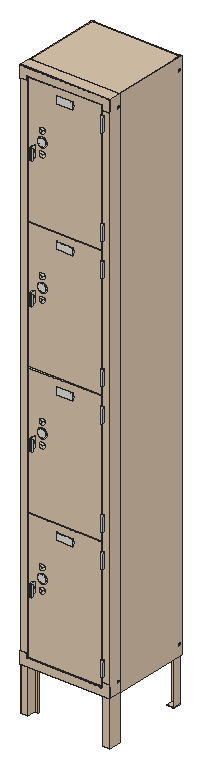
Revit family "Metal_Vented_Lockers-Salsbury_Industries-74000_Series-1_Wide_Units", category Specialty Equipment, Revit 2016
Family settings
  Part Type = Normal
  Round Connector Dimension = Use Diameter
  OmniClass Number = 23.40.00.00
  OmniClass Title = Equipment and Furnishings
  Work Plane-Based = No
  Always vertical = Yes
  Cut with Voids When Loaded = No
  Shared = No
  Room Calculation Point = No
Parameters (values of type "74162 - with Standard 6" High Legs")
  Zee Base Corner - Right Side [instance] = Metal Locker Zee Base Corner : None
  Zee Base Corner - Left Side [instance] = Metal Locker Zee Base Corner : None
  Zee Base - Right Side [instance] = Metal Locker Zee Base-Right Side : None
  Zee Base - Left Side [instance] = Metal Locker Zee Base-Left Side : None
  Zee Base = Metal Locker Zee Base : None
  Width = 12.040"
  Version = "2.0 (01/30/18)"
  Vent Offset = if(Depth = 12.010", 3.250", if(Depth = 15.010", 3.500", if(Depth = 18.010", 3.750", 0.000")))  # 3.250"
  Vent Configuration Height = Vents : 6 foot high vents
  Vent Array Spacing = 1.187"
  Vent Array 2 = if(Depth = 12.010", 5, if(Depth = 15.010", 7, if(Depth = 18.010", 9, 0)))  # 5
  Vent Array 1 = Vent Array 2 + 1  # 6
  Unit Height including Sloping Hood Only [instance] = 78.625"
  Unit Height = 72.000"
  URL = "www.lockers.com"
  Type Comments = "12\" Wide Vented Metal Locker - Four Tier"
  Total Door(s) Height [instance] = 69.81949"
  Sloping Top In-Line Filler - Right Side [instance] = Metal Locker Sloping Top Filler : None
  Sloping Top In-Line Filler - Left Side [instance] = Metal Locker Sloping Top Filler : None
  Sloping Top Corner Filler - Right Side [instance] = Metal Locker Sloping Corner Filler : None
  Sloping Top Corner Filler - Left Side [instance] = Metal Locker Sloping Corner Filler : None
  Sloping Hood Height = if(Depth = 12.010", 6.625", if(Depth = 15.010", 8.682", if(Depth = 18.010", 10.739", 0.000")))  # 6.625"
  Sloping Hood [instance] = Metal Locker Sloping Hood : None
  Right Side Base [instance] = Metal Locker Right Side Base : None
  Primary Structure Material [instance] = Steel - Salsbury Finish = Tan
  Overall Width including Rivets [instance] = 12.120"
  Unit Height including Base Only [instance] = 78.000"
  Overall Unit Height (including Base and Sloping Hood) [instance] = 84.625"
  OmniClass 23 Title = "Equipment and Furnishings"
  OmniClass 23 Number = "23.40.00.00"
  Model = "74162"
  MasterFormat Title = "Lockers"
  MasterFormat Number = "10 51 13"
  Manufacturer = "Salsbury Industries"
  Left Side Base [instance] = Metal Locker Left Side Base : None
  Individual Door Height = 17.360"
  Hasp Plate Rivet Material = Steel -Salsbury Finish =  Polished Steel
  Hasp Handle Material = Plastic - Salsbury Finish - Black
  Front Vertical Filler - Right [instance] = Metal Locker Front Filler : None
  Front Vertical Filler - Left [instance] = Metal Locker Front Filler : None
  Front Base [instance] = Metal Locker Front Base : None
  Flat Top In-Line Filler - Right Side [instance] = Metal Locker Flat Top Filler : None
  Flat Top In-Line Filler - Left Side [instance] = Metal Locker Flat Top Filler : None
  Flat Top Corner Filler - Right Side [instance] = Metal Locker Flat Corner Filler : None
  Flat Top Corner Filler - Left Side [instance] = Metal Locker Flat Corner Filler : None
  Individual Door Width [instance] = 9.90055"
  End Panel - Right Side [instance] = Metal Locker End Panel : None
  End Panel - Left Side [instance] = Metal Locker End Panel : None
  Door Location D1 = Vented Metal Locker Doors-12 inch with Latch Hasps : Four Tier Door - 6 foot
  Description = "1 Wide - 6 Feet High - 12 Inches Deep"
  Depth = 12.010"
  Compartment Divider Height = Individual Door Height - 0.375"  # 16.985"
  Base Height = 6.000"
  Standard Leg Base = Metal Locker Legs : 6" High - 12" W x 12" D
  Assembly Code = "C1030310"
Reference planes (in)
  plane 1 "Center (Front/Back)": y = 0
  plane 2: z = 0
  plane 3 "Center (Left/Right)": x = 0
  plane 4 "Floor": z = 0
  plane 5 "Bottom of Unit": z = 6
  plane 6 "Top of Unit": z = 78
  plane 7 "Left Side of Unit": x = -6.02
  plane 8 "Right Side of Unit": x = 6.02
  plane 9 "Back of Unit": y = 6.005
  plane 10 "Front of Unit": y = -6.005
  plane 11 "Top of Sloping Hood": z = 84.625
  plane 12 "Left Rivet": x = -6.06
  plane 13 "Right Rivet": x = 6.06
  plane 14 "Right Side of Door Opening": x = 5.02
  plane 15 "Left Side of Door Opening": x = -5.02
  plane 16 "Top of Door Opening": z = 77
  plane 17 "Bottom of Door Opening": z = 7
  plane 18 "Back Edge of Front Facing": y = -4.417
  plane 19 "Front Plate Plane": y = -6.065
  plane 20 "Horizontal Center of Top Rivets": z = 76.5
  plane 21 "Horiz Center of Bottom Rivets": z = 7.5
  plane 22 "Vertical Center of Back Rivets": y = 5.505
  plane 23 "Vertical Center of Front Rivets": y = -4.755
  plane 24 "Right Align Top Filler Overlap": x = 5.435
  plane 25 "Left Align Top Filler Overlap": x = -5.435
  plane 26 "Corner Filler Align-Left": x = -6.08
  plane 27 "Corner Filler Align-Right": x = 6.08
  plane 28 "Left Side of Door": x = -4.95029
  plane 29 "Right Side of Door": x = 4.95026
  plane 30 "Top of Door 1": z = 76.90976
  plane 31 "Bottom of Bottom Door": z = 7.09027
  plane 32 "Zee Base Offset": x = -5.669
  plane 33: x = 5.669
  plane 34 "Compartment Align 3": z = 24.985
  plane 35: x = -5.96
  plane 36: x = 5.96
  plane 37: x = -5.635
  plane 38: x = 5.635
  plane 39: y = 5.945
  plane 40: y = 5.895
  plane 41: y = 5.145
  plane 42: x = -5.9
  plane 43: x = 5.9
  plane 44: x = -5.095
  plane 45: x = 5.095
  plane 46: z = 77.94
  plane 47: z = 24.925
  plane 48: z = 23.985
  plane 49: z = 6.9204
  plane 50: z = 6.18539
  plane 51: z = 76.40796
  plane 52: z = 7.59204
  plane 53: z = 23.985
  plane 54: z = 24.45027
  plane 55: z = 24.57576
  plane 56: z = 41.93576
  plane 57: z = 42.06276
  plane 58: z = 41.43527
  plane 59: z = 42.37527
  plane 60 "Compartment Align 2": z = 42.43527
  plane 61: z = 53.72076
  plane 62: z = 59.42276
  plane 63: z = 59.54976
  plane 64: z = 58.92076
  plane 65: z = 59.86076
  plane 66 "Compartment Align 1": z = 59.92076
  plane 67: z = 71.20625
  plane 68 "Front Vent Align": y = -2.755
  plane 69: y = -2.385
  plane 70: y = -1.791
  plane 71 "Top Vent Align": z = 73.562
  plane 72: z = 72.81
  plane 73: z = 71.97
Forms (in)
  Sweep 1, solid, material "Steel - Salsbury Finish = Tan" <- "Primary Structure Material"
    path origin (0, -6.005, 0) x (1, 0, 0) y (0, 0, 1)
      loop
        line (-6.02, 78) -> (-6.02, 6) -> (6.02, 6) -> (6.02, 78) -> (-6.02, 78)
    profile origin (0, -6.005, 78) x (0, 0, 1) y (0, -1, 0)
      loop
        line (0, 0) -> (-1, 0) -> (-1, -1.588) -> (0, -1.588) -> (0, 0)
  Extrusion 2, solid, material "Steel - Salsbury Finish = Tan" <- "Primary Structure Material"
    sketch origin (0, 0, 6) x (0, -1, 0) y (1, 0, 0)
      loop
        line (4.417, 6.02) -> (-6.005, 6.02) -> (-6.005, 5.635) -> (-5.945, 5.635) -> (-5.945, 5.96) -> (4.417, 5.96) -> (4.417, 6.02)
    from 0 to 72
  Extrusion 3, solid, material "Steel - Salsbury Finish = Tan" <- "Primary Structure Material"
    sketch origin (0, 0, 6) x (0, -1, 0) y (1, 0, 0)
      loop
        line (4.417, -6.02) -> (4.417, -5.96) -> (-5.945, -5.96) -> (-5.945, -5.635) -> (-6.005, -5.635) -> (-6.005, -6.02) -> (4.417, -6.02)
    from 0 to 72
  Extrusion 4, solid, material "Steel - Salsbury Finish = Tan" <- "Primary Structure Material"
    sketch origin (0, 0, 6) x (0, -1, 0) y (1, 0, 0)
      loop
        line (-5.945, -5.96) -> (-5.145, -5.96) -> (-5.145, -5.9) -> (-5.895, -5.9) -> (-5.895, 5.9) -> (-5.145, 5.9) -> (-5.145, 5.96) -> (-5.945, 5.96) -> (-5.945, -5.96)
    from 0 to 72
  Sweep 5, solid, material "Steel - Salsbury Finish = Tan" <- "Primary Structure Material"
    path origin (0, 0, 7) x (0, -1, 0) y (1, 0, 0)
      loop
        line (4.417, -5.96) -> (4.417, 5.96) -> (-5.145, 5.96) -> (-5.145, 5.9) -> (-5.895, 5.9) -> (-5.895, -5.9) -> (-5.145, -5.9) -> (-5.145, -5.96) -> (4.417, -5.96)
    profile origin (-5.96, 0.364, 7) x (-1, 0, 0) y (0, 0, 1)
      loop
        line (0, -0.81461) -> (0, -0.0796) -> (-0.06, -0.0796) -> (-0.06, -0.81461) -> (0, -0.81461)
  Extrusion 6, solid, material "Steel - Salsbury Finish = Tan" <- "Primary Structure Material"
    sketch origin (0, 0, 7) x (0, -1, 0) y (1, 0, 0)
      loop
        line (-5.895, -5.9) -> (-5.145, -5.9) -> (-5.145, -5.96) -> (4.417, -5.96) -> (4.417, 5.96) -> (-5.145, 5.96) -> (-5.145, 5.9) -> (-5.895, 5.9) -> (-5.895, -5.9)
    from -0.0796 to 0
  Extrusion 7, solid, material "Steel - Salsbury Finish = Tan" <- "Primary Structure Material"
    sketch origin (0, 0, 78) x (0, -1, 0) y (1, 0, 0)
      loop
        line (-5.895, -5.9) -> (-5.145, -5.9) -> (-5.145, -5.96) -> (4.417, -5.96) -> (4.417, 5.96) -> (-5.145, 5.96) -> (-5.145, 5.9) -> (-5.895, 5.9) -> (-5.895, -5.9)
    from -0.06 to 0
  Extrusion 8, solid, material "Steel - Salsbury Finish = Tan" <- "Primary Structure Material"
    sketch origin (0, -6.065, 0) x (0, 0, -1) y (1, 0, 0)
      loop
        line (-78, -6.02) -> (-76.47656, -6.02)
        arc (-76.47656, -6.02) -> (-76.42806, -5.99991) -> (-76.40796, -5.9514) r 0.0686
        line (-76.40796, -5.9514) -> (-76.40796, -5.16351)
        arc (-76.40796, -5.16351) -> (-76.42809, -5.11506) -> (-76.47656, -5.095) r 0.0686
        line (-76.47656, -5.095) -> (-77, -5.095) -> (-77, 5.095) -> (-76.47656, 5.095)
        arc (-76.47656, 5.095) -> (-76.42809, 5.11506) -> (-76.40796, 5.16351) r 0.0686
        line (-76.40796, 5.16351) -> (-76.40796, 5.9514)
        arc (-76.40796, 5.9514) -> (-76.42806, 5.99991) -> (-76.47656, 6.02) r 0.0686
        line (-76.47656, 6.02) -> (-78, 6.02) -> (-78, -6.02)
    from -0.06 to 0
  Extrusion 9, solid, material "Steel - Salsbury Finish = Tan" <- "Primary Structure Material"
    sketch origin (0, -6.065, 84) x (0, 0, 1) y (-1, 0, 0)
      loop
        line (-78, 6.02) -> (-78, -6.02) -> (-76.47656, -6.02)
        arc (-76.47656, -6.02) -> (-76.42806, -5.99991) -> (-76.40796, -5.9514) r 0.0686
        line (-76.40796, -5.9514) -> (-76.40796, -5.16351)
        arc (-76.40796, -5.16351) -> (-76.42809, -5.11506) -> (-76.47656, -5.095) r 0.0686
        line (-76.47656, -5.095) -> (-77, -5.095) -> (-77, 5.095) -> (-76.47656, 5.095)
        arc (-76.47656, 5.095) -> (-76.42809, 5.11506) -> (-76.40796, 5.16351) r 0.0686
        line (-76.40796, 5.16351) -> (-76.40796, 5.9514)
        arc (-76.40796, 5.9514) -> (-76.42806, 5.99991) -> (-76.47656, 6.02) r 0.0686
        line (-76.47656, 6.02) -> (-78, 6.02)
    from -0.06 to 0
  Blend 10, solid, material "Steel -Salsbury Finish =  Polished Steel" <- "Hasp Plate Rivet Material"
    base sketch origin (6.02, 0, 0) x (0, 0, -1) y (0, -1, 0)
      loop
        circle (-76.5, 4.755) r 0.187
    top sketch origin (6.02, 0, 0) x (0, 0, -1) y (0, -1, 0)
      loop
        circle (-76.5, 4.755) r 0.05319
    from 0 to -0.04
  Blend 11, solid, material "Steel -Salsbury Finish =  Polished Steel" <- "Hasp Plate Rivet Material"
    base sketch origin (6.02, 0, -69) x (0, 0, -1) y (0, -1, 0)
      loop
        circle (-76.5, 4.755) r 0.187
    top sketch origin (6.02, 0, -69) x (0, 0, -1) y (0, -1, 0)
      loop
        circle (-76.5, 4.755) r 0.05319
    from 0 to -0.04
  Blend 12, solid, material "Steel -Salsbury Finish =  Polished Steel" <- "Hasp Plate Rivet Material"
    base sketch origin (6.02, 10.26, -69) x (0, 0, -1) y (0, -1, 0)
      loop
        circle (-76.5, 4.755) r 0.187
    top sketch origin (6.02, 10.26, -69) x (0, 0, -1) y (0, -1, 0)
      loop
        circle (-76.5, 4.755) r 0.05319
    from 0 to -0.04
  Blend 13, solid, material "Steel -Salsbury Finish =  Polished Steel" <- "Hasp Plate Rivet Material"
    base sketch origin (6.02, 10.26, 0.0043) x (0, 0, -1) y (0, -1, 0)
      loop
        circle (-76.5, 4.755) r 0.187
    top sketch origin (6.02, 10.26, 0.0043) x (0, 0, -1) y (0, -1, 0)
      loop
        circle (-76.5, 4.755) r 0.05319
    from 0 to -0.04
  Blend 14, solid, material "Steel -Salsbury Finish =  Polished Steel" <- "Hasp Plate Rivet Material"
    base sketch origin (-6.02, 0, -69) x (0, 0, -1) y (0, 1, 0)
      loop
        circle (-76.5, -4.755) r 0.187
    top sketch origin (-6.02, 0, -69) x (0, 0, -1) y (0, 1, 0)
      loop
        circle (-76.5, -4.755) r 0.05319
    from 0 to -0.04
  Blend 15, solid, material "Steel -Salsbury Finish =  Polished Steel" <- "Hasp Plate Rivet Material"
    base sketch origin (-6.02, 10.26, -69) x (0, 0, -1) y (0, 1, 0)
      loop
        circle (-76.5, -4.755) r 0.187
    top sketch origin (-6.02, 10.26, -69) x (0, 0, -1) y (0, 1, 0)
      loop
        circle (-76.5, -4.755) r 0.05319
    from 0 to -0.04
  Blend 16, solid, material "Steel -Salsbury Finish =  Polished Steel" <- "Hasp Plate Rivet Material"
    base sketch origin (-6.02, 0, 0) x (0, 0, -1) y (0, 1, 0)
      loop
        circle (-76.5, -4.755) r 0.187
    top sketch origin (-6.02, 0, 0) x (0, 0, -1) y (0, 1, 0)
      loop
        circle (-76.5, -4.755) r 0.05319
    from 0 to -0.04
  Blend 17, solid, material "Steel -Salsbury Finish =  Polished Steel" <- "Hasp Plate Rivet Material"
    base sketch origin (-6.02, 10.26, 0.00039) x (0, 0, -1) y (0, 1, 0)
      loop
        circle (-76.5, -4.755) r 0.187
    top sketch origin (-6.02, 10.26, 0.00039) x (0, 0, -1) y (0, 1, 0)
      loop
        circle (-76.5, -4.755) r 0.05319
    from 0 to -0.04
  Extrusion 18, solid, material "Steel - Salsbury Finish = Tan" <- "Primary Structure Material"
    sketch origin (0, 0, 24.985) x (0, -1, 0) y (1, 0, 0)
      loop
        line (-5.895, -5.9) -> (-5.145, -5.9) -> (-5.145, -5.96) -> (4.417, -5.96) -> (4.417, 5.96) -> (-5.145, 5.96) -> (-5.145, 5.9) -> (-5.895, 5.9) -> (-5.895, -5.9)
    from -0.06 to 0
  Sweep 19, solid, material "Steel - Salsbury Finish = Tan" <- "Primary Structure Material"
    path origin (0, 0, 24.985) x (0, -1, 0) y (1, 0, 0)
      loop
        line (4.417, -5.96) -> (4.417, 5.96) -> (-5.145, 5.96) -> (-5.145, 5.9) -> (-5.895, 5.9) -> (-5.895, -5.9) -> (-5.145, -5.9) -> (-5.145, -5.96) -> (4.417, -5.96)
    profile origin (-5.96, 0.364, 24.985) x (-1, 0, 0) y (0, 0, 1)
      loop
        line (0, -1) -> (0, -0.06) -> (-0.06, -0.06) -> (-0.06, -1) -> (0, -1)
  Extrusion 20, solid, material "Steel - Salsbury Finish = Tan" <- "Primary Structure Material"
    sketch origin (0, 0, 54.72076) x (0, -1, 0) y (1, 0, 0)
      loop
        line (-5.895, -5.9) -> (-5.145, -5.9) -> (-5.145, -5.96) -> (4.417, -5.96) -> (4.417, 5.96) -> (-5.145, 5.96) -> (-5.145, 5.9) -> (-5.895, 5.9) -> (-5.895, -5.9)
    from -12.34549 to -12.28549
  Sweep 21, solid, material "Steel - Salsbury Finish = Tan" <- "Primary Structure Material"
    path origin (0, 0, 42.43527) x (0, -1, 0) y (1, 0, 0)
      loop
        line (4.417, -5.96) -> (4.417, 5.96) -> (-5.145, 5.96) -> (-5.145, 5.9) -> (-5.895, 5.9) -> (-5.895, -5.9) -> (-5.145, -5.9) -> (-5.145, -5.96) -> (4.417, -5.96)
    profile origin (-5.96, 0.364, 42.43527) x (-1, 0, 0) y (0, 0, 1)
      loop
        line (0, -1) -> (0, -0.06) -> (-0.06, -0.06) -> (-0.06, -1) -> (0, -1)
  Extrusion 22, solid, material "Steel - Salsbury Finish = Tan" <- "Primary Structure Material"
    sketch origin (0, 0, 59.92076) x (0, -1, 0) y (1, 0, 0)
      loop
        line (-5.895, -5.9) -> (-5.145, -5.9) -> (-5.145, -5.96) -> (4.417, -5.96) -> (4.417, 5.96) -> (-5.145, 5.96) -> (-5.145, 5.9) -> (-5.895, 5.9) -> (-5.895, -5.9)
    from -0.06 to 0
  Sweep 23, solid, material "Steel - Salsbury Finish = Tan" <- "Primary Structure Material"
    path origin (0, 0, 59.92076) x (0, -1, 0) y (1, 0, 0)
      loop
        line (4.417, -5.96) -> (4.417, 5.96) -> (-5.145, 5.96) -> (-5.145, 5.9) -> (-5.895, 5.9) -> (-5.895, -5.9) -> (-5.145, -5.9) -> (-5.145, -5.96) -> (4.417, -5.96)
    profile origin (-5.96, 0.364, 59.92076) x (-1, 0, 0) y (0, 0, 1)
      loop
        line (0, -1) -> (0, -0.06) -> (-0.06, -0.06) -> (-0.06, -1) -> (0, -1)
Lines and regions (in)
  reference lines
    curve 1: line (-29.59242, -6.065, 78) -> (36.15758, -6.065, 78)
  symbolic lines
    curve 2: line (-6.02, 6.005, 78) -> (6.02, 6.005, 78)
    curve 3: line (-6.02, -6.065, 78) -> (-6.02, 6.005, 78)
    curve 4: line (6.02, -6.065, 78) -> (-6.02, -6.065, 78)
    curve 5: line (6.02, 6.005, 78) -> (6.02, -6.065, 78)
    curve 6: line (-6.06, -4.80819, 78) -> (-6.02, -4.91809, 78)
    curve 7: line (-6.02, -4.58043, 78) -> (-6.06, -4.70181, 78)
    curve 8: line (-6.06, -4.80819, 78) -> (-6.06, -4.70181, 78)
    curve 9: line (-6.06, 5.45181, 78) -> (-6.02, 5.31077, 78)
    curve 10: line (-6.06, 5.55819, 78) -> (-6.02, 5.68474, 78)
    curve 11: line (-6.06, 5.55819, 78) -> (-6.06, 5.45181, 78)
    curve 12: line (6.06, 5.55819, 78) -> (6.02, 5.70747, 78)
    curve 13: line (6.06, 5.45181, 78) -> (6.02, 5.3179, 78)
    curve 14: line (6.06, 5.55819, 78) -> (6.06, 5.45181, 78)
    curve 15: line (6.06, -4.70181, 78) -> (6.02, -4.57098, 78)
    curve 16: line (6.06, -4.80819, 78) -> (6.02, -4.94769, 78)
    curve 17: line (6.06, -4.70181, 78) -> (6.06, -4.80819, 78)
Dimensions and locks (in)
  equal spacing: plane 7 "Left Side of Unit", plane 3 "Center (Left/Right)", plane 8 "Right Side of Unit"
  "Width": plane 7 "Left Side of Unit" to plane 8 "Right Side of Unit"
  "Base Height": plane 5 "Bottom of Unit" to plane 4 "Floor"
  "Unit Height": plane 6 "Top of Unit" to plane 5 "Bottom of Unit"
  "Unit Height including Base Only": plane 6 "Top of Unit" to plane 4 "Floor"
  equal spacing: plane 10 "Front of Unit", plane 1 "Center (Front/Back)", plane 9 "Back of Unit"
  "Depth": plane 10 "Front of Unit" to plane 9 "Back of Unit"
  "Sloping Hood Height": plane 11 "Top of Sloping Hood" to plane 6 "Top of Unit"
  "Overall Unit Height (including Base and Sloping Hood)": plane 11 "Top of Sloping Hood" to plane 4 "Floor"
  locked: plane 12 "Left Rivet" to plane 7 "Left Side of Unit" at 0.04
  locked: plane 8 "Right Side of Unit" to plane 13 "Right Rivet" at 0.04
  "Overall Width including Rivets": plane 12 "Left Rivet" to plane 13 "Right Rivet"
  plane 6 "Top of Unit" to plane 16 "Top of Door Opening" to plane 30 "Top of Door 1" to plane 51 = 1.000" locked, 0.09024", 0.5018"
  plane 52 to plane 31 "Bottom of Bottom Door" to plane 17 "Bottom of Door Opening" to plane 5 "Bottom of Unit" = 0.50177", 0.09027", 1.000" locked
  plane 7 "Left Side of Unit" to plane 15 "Left Side of Door Opening" to plane 28 "Left Side of Door" = 1.000" locked, 0.06971"
  plane 29 "Right Side of Door" to plane 14 "Right Side of Door Opening" to plane 8 "Right Side of Unit" = 0.06974", 1.000" locked
  plane 19 "Front Plate Plane" to plane 10 "Front of Unit" to plane 18 "Back Edge of Front Facing" = 0.060" locked, 1.588" locked
  "Unit Height including Sloping Hood Only": plane 11 "Top of Sloping Hood" to plane 5 "Bottom of Unit"
  locked: plane 20 "Horizontal Center of Top Rivets" to plane 6 "Top of Unit" at 1.5
  locked: plane 5 "Bottom of Unit" to plane 21 "Horiz Center of Bottom Rivets" at 1.5
  locked: plane 22 "Vertical Center of Back Rivets" to plane 9 "Back of Unit" at 0.5
  locked: plane 10 "Front of Unit" to plane 23 "Vertical Center of Front Rivets" at 1.25
  locked: plane 24 "Right Align Top Filler Overlap" to plane 13 "Right Rivet" at 0.625
  locked: plane 12 "Left Rivet" to plane 25 "Left Align Top Filler Overlap" at 0.625
  locked: plane 8 "Right Side of Unit" to plane 27 "Corner Filler Align-Right" at 0.06
  locked: plane 26 "Corner Filler Align-Left" to plane 7 "Left Side of Unit" at 0.06
  "Individual Door Width": plane 28 "Left Side of Door" to plane 29 "Right Side of Door"
  "Total Door(s) Height": plane 30 "Top of Door 1" to plane 31 "Bottom of Bottom Door"
  plane 7 "Left Side of Unit" to plane 32 "Zee Base Offset" = 0.351"
  plane 33 to plane 8 "Right Side of Unit" = 0.351"
  plane 34 "Compartment Align 3" to plane 47 to plane 53 = 0.060" locked, 0.940" locked
  plane 7 "Left Side of Unit" to plane 35 to plane 42 to plane 37 = 0.060" locked, 0.060" locked, 0.265" locked
  plane 38 to plane 43 to plane 36 to plane 8 "Right Side of Unit" = 0.265" locked, 0.060", 0.060"
  plane 41 to plane 40 to plane 39 to plane 9 "Back of Unit" = 0.750" locked, 0.050", 0.060"
  locked: plane 7 "Left Side of Unit" to plane 44 at 0.925
  locked: plane 45 to plane 8 "Right Side of Unit" at 0.925
  locked: plane 6 "Top of Unit" to plane 46 at 0.06
  plane 47 to plane 48 = 0.940"
  locked: plane 17 "Bottom of Door Opening" to plane 49 at 0.0796
  plane 49 to plane 50 = 0.73501"
  "Compartment Divider Height": plane 53 to plane 17 "Bottom of Door Opening"
  "Individual Door Height": plane 54 to plane 31 "Bottom of Bottom Door"
  locked: plane 55 to plane 54 at 0.12549
  locked: plane 57 to plane 56 at 0.127
  "Individual Door Height": plane 56 to plane 55
  plane 60 "Compartment Align 2" to plane 59 to plane 58 = 0.060" locked, 0.940" locked
  locked: plane 63 to plane 62 at 0.127
  "Individual Door Height": plane 62 to plane 57
  "Compartment Divider Height": plane 58 to plane 54
  "Compartment Divider Height": plane 64 to plane 56
  plane 66 "Compartment Align 1" to plane 65 to plane 64 = 0.060", 0.940"
  plane 71 "Top Vent Align" to plane 6 "Top of Unit" = 4.438"
  plane 73 to plane 72 to plane 71 "Top Vent Align" = 0.840", 0.752"
  "Vent Offset": plane 10 "Front of Unit" to plane 68 "Front Vent Align"
  plane 68 "Front Vent Align" to plane 69 to plane 70 = 0.370" locked, 0.594" locked
  equal spacing: group 1, group 2, group 3, group 4, group 5, group 6  (x3)
  equal spacing: group 7, group 8, group 9, group 10, group 11  (x3)
  "Vent Array Spacing": nested 27 to nested 29
  "Vent Array Spacing": nested 28 to nested 34
  equal spacing: group 12, group 13, group 14, group 15, group 16, group 22  (x3)
  equal spacing: group 17, group 18, group 19, group 20, group 21  (x3)
  "Vent Array Spacing": nested 40 to nested 38
  "Vent Array Spacing": nested 44 to nested 39
  aligned and locked: level to plane 2
  aligned and locked: Extrusion 2 to plane 6 "Top of Unit"
  aligned and locked: Extrusion 3 to plane 6 "Top of Unit"
  aligned and locked: Extrusion 4 to plane 6 "Top of Unit"
  aligned and locked: Extrusion 8 to plane 10 "Front of Unit"
  aligned and locked: Extrusion 9 to plane 10 "Front of Unit"
  aligned and locked: Extrusion 6 to plane 17 "Bottom of Door Opening"
  aligned and locked: plane 4 "Floor" to nested 2
  aligned and locked: plane 5 "Bottom of Unit" to Extrusion 9
  aligned and locked: plane 8 "Right Side of Unit" to nested 6
  aligned and locked: plane 7 "Left Side of Unit" to nested 7
  aligned and locked: Blend 10 to plane 13 "Right Rivet"
  aligned and locked: plane 8 "Right Side of Unit" to Blend 10
  aligned and locked: Blend 15 to plane 7 "Left Side of Unit"
  aligned and locked: Blend 14 to plane 7 "Left Side of Unit"  (x2)
  aligned and locked: plane 12 "Left Rivet" to Blend 14
  aligned and locked: plane 12 "Left Rivet" to Blend 15
  aligned and locked: Blend 14 to plane 12 "Left Rivet"
  aligned and locked: Blend 17 to plane 7 "Left Side of Unit"
  aligned and locked: plane 12 "Left Rivet" to Blend 17
  aligned and locked: Blend 16 to plane 7 "Left Side of Unit"
  aligned and locked: plane 12 "Left Rivet" to Blend 16
  aligned and locked: plane 5 "Bottom of Unit" to nested 10
  aligned and locked: plane 13 "Right Rivet" to nested 10
  aligned and locked: plane 12 "Left Rivet" to nested 11
  aligned and locked: nested 11 to plane 10 "Front of Unit"
  aligned and locked: plane 13 "Right Rivet" to nested 12
  aligned and locked: plane 10 "Front of Unit" to nested 12
  aligned and locked: plane 6 "Top of Unit" to nested 12
  aligned and locked: plane 12 "Left Rivet" to nested 13
  aligned and locked: plane 10 "Front of Unit" to nested 13
  aligned and locked: plane 6 "Top of Unit" to nested 13
  aligned and locked: plane 6 "Top of Unit" to nested 14
  aligned and locked: nested 14 to plane 19 "Front Plate Plane"
  aligned and locked: nested 14 to plane 24 "Right Align Top Filler Overlap"
  aligned and locked: nested 15 to plane 25 "Left Align Top Filler Overlap"
  aligned and locked: nested 15 to plane 19 "Front Plate Plane"
  aligned and locked: nested 10 to nested 15
  aligned and locked: plane 19 "Front Plate Plane" to nested 16
  aligned and locked: plane 6 "Top of Unit" to nested 16
  aligned and locked: nested 17 to plane 6 "Top of Unit"
  aligned and locked: nested 17 to plane 19 "Front Plate Plane"
  aligned and locked: plane 19 "Front Plate Plane" to nested 18
  aligned and locked: nested 19 to plane 24 "Right Align Top Filler Overlap"
  aligned and locked: nested 19 to plane 19 "Front Plate Plane"
  aligned and locked: plane 16 "Top of Door Opening" to nested 19
  aligned and locked: nested 20 to plane 16 "Top of Door Opening"
  aligned and locked: nested 20 to plane 25 "Left Align Top Filler Overlap"
  aligned and locked: nested 20 to plane 19 "Front Plate Plane"
  aligned and locked: nested 11 to plane 6 "Top of Unit"
  aligned and locked: plane 10 "Front of Unit" to nested 10
  aligned and locked: plane 10 "Front of Unit" to nested 23
  aligned and locked: plane 10 "Front of Unit" to nested 1
  aligned and locked: plane 10 "Front of Unit" to nested 2
  aligned and locked: plane 6 "Top of Unit" to nested 18
  aligned and locked: plane 7 "Left Side of Unit" to nested 17
  aligned and locked: plane 32 "Zee Base Offset" to nested 9
  aligned and locked: plane 18 "Back Edge of Front Facing" to nested 9
  aligned and locked: nested 8 to plane 18 "Back Edge of Front Facing"
  aligned and locked: plane 33 to nested 8
  aligned and locked: plane 8 "Right Side of Unit" to nested 21
  aligned and locked: nested 22 to plane 7 "Left Side of Unit"
  aligned and locked: nested 22 to curve 1
  aligned and locked: nested 21 to curve 1
  aligned and locked: Sweep 19 sketch curve to Extrusion 18
  aligned and locked: plane 7 "Left Side of Unit" to Extrusion 3
  aligned and locked: Extrusion 3 to plane 9 "Back of Unit"
  aligned and locked: Extrusion 2 to plane 8 "Right Side of Unit"
  aligned and locked: Extrusion 2 to plane 9 "Back of Unit"
  aligned and locked: plane 18 "Back Edge of Front Facing" to Extrusion 3
  aligned and locked: plane 18 "Back Edge of Front Facing" to Extrusion 2
  aligned and locked: plane 35 to Extrusion 3
  aligned and locked: plane 36 to Extrusion 2
  aligned and locked: plane 37 to Extrusion 3
  aligned and locked: plane 38 to Extrusion 2
  aligned and locked: plane 39 to Extrusion 3
  aligned and locked: plane 39 to Extrusion 2
  aligned and locked: Extrusion 4 to plane 39
  aligned and locked: plane 40 to Extrusion 4
  aligned and locked: plane 35 to Extrusion 4
  aligned and locked: plane 41 to Extrusion 4  (x2)
  aligned and locked: plane 42 to Extrusion 4
  aligned and locked: plane 43 to Extrusion 4
  aligned and locked: Extrusion 7 to plane 40
  aligned and locked: plane 42 to Extrusion 7
  aligned and locked: plane 35 to Extrusion 7  (x2)
  aligned and locked: Extrusion 7 to plane 41  (x2)
  aligned and locked: Extrusion 7 to plane 43
  aligned and locked: Extrusion 7 to plane 36  (x2)
  aligned and locked: plane 18 "Back Edge of Front Facing" to Extrusion 7
  aligned and locked: plane 18 "Back Edge of Front Facing" to Extrusion 6
  aligned and locked: Extrusion 6 to plane 40
  aligned and locked: Extrusion 6 to plane 43
  aligned and locked: Extrusion 6 to plane 41  (x2)
  aligned and locked: Extrusion 6 to plane 36
  aligned and locked: plane 42 to Extrusion 6
  aligned and locked: plane 35 to Extrusion 6
  aligned and locked: Sweep 5 to plane 40
  aligned and locked: Sweep 5 to plane 41  (x2)
  aligned and locked: Sweep 5 to plane 43
  aligned and locked: Sweep 5 to plane 36
  aligned and locked: plane 18 "Back Edge of Front Facing" to Sweep 5
  aligned and locked: plane 35 to Sweep 5
  aligned and locked: plane 42 to Sweep 5
  aligned and locked: Sweep 5 sketch curve to plane 42
  aligned and locked: plane 40 to Sweep 5 sketch curve
  aligned and locked: plane 41 to Sweep 5 sketch curve  (x2)
  aligned and locked: Sweep 5 sketch curve to plane 35  (x2)
  aligned and locked: plane 43 to Sweep 5 sketch curve
  aligned and locked: plane 36 to Sweep 5 sketch curve
  aligned and locked: Sweep 5 sketch curve to plane 18 "Back Edge of Front Facing"
  aligned and locked: Extrusion 18 to plane 40
  aligned and locked: Extrusion 18 to plane 43
  aligned and locked: Extrusion 18 to plane 41  (x2)
  aligned and locked: Extrusion 18 to plane 36
  aligned and locked: plane 18 "Back Edge of Front Facing" to Extrusion 18
  aligned and locked: plane 35 to Extrusion 18
  aligned and locked: plane 42 to Extrusion 18
  aligned and locked: plane 40 to Sweep 19 sketch curve
  aligned and locked: plane 43 to Sweep 19 sketch curve
  aligned and locked: plane 41 to Sweep 19 sketch curve  (x2)
  aligned and locked: plane 36 to Sweep 19 sketch curve
  aligned and locked: Sweep 19 sketch curve to plane 18 "Back Edge of Front Facing"
  aligned and locked: Sweep 19 sketch curve to plane 35  (x2)
  aligned and locked: Sweep 19 sketch curve to plane 42
  aligned and locked: plane 6 "Top of Unit" to Sweep 1 sketch curve  (x2)
  aligned and locked: Sweep 1 sketch curve to plane 7 "Left Side of Unit"
  aligned and locked: plane 8 "Right Side of Unit" to Sweep 1 sketch curve
  aligned and locked: Sweep 1 sketch curve to plane 5 "Bottom of Unit"
  aligned and locked: plane 10 "Front of Unit" to Sweep 1
  aligned and locked: Extrusion 8 to plane 19 "Front Plate Plane"
  aligned and locked: plane 10 "Front of Unit" to Extrusion 8
  aligned and locked: Extrusion 8 to plane 8 "Right Side of Unit"
  aligned and locked: plane 7 "Left Side of Unit" to Extrusion 8
  aligned and locked: plane 7 "Left Side of Unit" to Extrusion 9
  aligned and locked: plane 19 "Front Plate Plane" to Extrusion 9
  aligned and locked: Extrusion 9 to plane 8 "Right Side of Unit"
  aligned and locked: plane 44 to Extrusion 9
  aligned and locked: plane 45 to Extrusion 9
  aligned and locked: plane 45 to Extrusion 8
  aligned and locked: Extrusion 8 to plane 44
  aligned and locked: plane 29 "Right Side of Door" to nested 23
  aligned and locked: plane 18 "Back Edge of Front Facing" to Sweep 1 sketch curve
  aligned and locked: Sweep 1 sketch curve to plane 16 "Top of Door Opening"
  aligned and locked: Sweep 1 sketch curve to plane 10 "Front of Unit"
  aligned and locked: plane 5 "Bottom of Unit" to Extrusion 4
  aligned and locked: Extrusion 4 to plane 36
  aligned and locked: plane 5 "Bottom of Unit" to Extrusion 3
  aligned and locked: plane 5 "Bottom of Unit" to Extrusion 2
  aligned and locked: Extrusion 7 to plane 6 "Top of Unit"
  aligned and locked: plane 46 to Extrusion 7
  aligned and locked: Extrusion 18 to plane 34 "Compartment Align 3"
  aligned and locked: plane 47 to Extrusion 18
  aligned and locked: plane 42 to Sweep 19 sketch curve
  aligned and locked: plane 48 to Sweep 19 sketch curve
  aligned and locked: plane 49 to Extrusion 6
  aligned and locked: Sweep 5 to plane 49
  aligned and locked: plane 50 to Sweep 5 sketch curve
  aligned and locked: plane 49 to Sweep 5 sketch curve
  aligned and locked: plane 42 to Sweep 5 sketch curve
  aligned and locked: plane 51 to Extrusion 8  (x2)
  aligned and locked: Extrusion 8 to plane 6 "Top of Unit"
  aligned and locked: plane 16 "Top of Door Opening" to Extrusion 8
  aligned and locked: Extrusion 9 to plane 17 "Bottom of Door Opening"
  aligned and locked: plane 52 to Extrusion 9
  aligned and locked: Extrusion 9 to plane 52
  aligned and locked: plane 4 "Floor" to nested 1
  aligned and locked: plane 8 "Right Side of Unit" to nested 1
  aligned and locked: Blend 12 to plane 13 "Right Rivet"
  aligned and locked: plane 8 "Right Side of Unit" to Blend 12
  aligned and locked: plane 8 "Right Side of Unit" to Blend 13
  aligned and locked: Blend 13 to plane 13 "Right Rivet"
  aligned and locked: plane 8 "Right Side of Unit" to Blend 11
  aligned and locked: Blend 11 to plane 13 "Right Rivet"
  aligned and locked: nested 22 to curve 3
  aligned and locked: curve 4 to Extrusion 8
  aligned and locked: curve 5 to Extrusion 8
  aligned and locked: curve 8 to Blend 14
  aligned and locked: curve 11 to Blend 15
  aligned and locked: curve 14 to Blend 12
  aligned and locked: curve 17 to Blend 10
  aligned and locked: plane 53 to Sweep 19
  aligned and locked: nested 23 to plane 31 "Bottom of Bottom Door"
  aligned and locked: plane 55 to nested 24
  aligned and locked: plane 10 "Front of Unit" to nested 24
  aligned and locked: plane 29 "Right Side of Door" to nested 24
  aligned and locked: plane 29 "Right Side of Door" to nested 25
  aligned and locked: nested 25 to plane 57
  aligned and locked: Sweep 21 sketch curve to Extrusion 20
  aligned and locked: Extrusion 20 to plane 60 "Compartment Align 2"
  aligned and locked: plane 59 to Sweep 21
  aligned and locked: Sweep 21 sketch curve to plane 58
  aligned and locked: Extrusion 20 sketch curve to plane 40
  aligned and locked: plane 35 to Extrusion 20 sketch curve
  aligned and locked: plane 42 to Extrusion 20 sketch curve
  aligned and locked: Extrusion 20 sketch curve to plane 41  (x2)
  aligned and locked: plane 18 "Back Edge of Front Facing" to Extrusion 20 sketch curve
  aligned and locked: Extrusion 20 sketch curve to plane 36
  aligned and locked: Extrusion 20 sketch curve to plane 43
  aligned and locked: plane 40 to Sweep 21 sketch curve
  aligned and locked: Sweep 21 sketch curve to plane 42
  aligned and locked: Sweep 21 sketch curve to plane 35
  aligned and locked: plane 41 to Sweep 21 sketch curve  (x2)
  aligned and locked: Sweep 21 sketch curve to plane 18 "Back Edge of Front Facing"
  aligned and locked: plane 36 to Sweep 21 sketch curve
  aligned and locked: plane 43 to Sweep 21 sketch curve
  aligned and locked: plane 63 to nested 26
  aligned and locked: plane 65 to Extrusion 22
  aligned and locked: Extrusion 22 to plane 66 "Compartment Align 1"
  aligned and locked: Sweep 23 sketch curve to plane 64
  aligned and locked: plane 65 to Sweep 23 sketch curve
  aligned and locked: Sweep 23 sketch curve to plane 35
  aligned and locked: plane 41 to Sweep 23 sketch curve  (x2)
  aligned and locked: Sweep 23 sketch curve to plane 42
  aligned and locked: plane 40 to Sweep 23 sketch curve
  aligned and locked: plane 43 to Sweep 23 sketch curve
  aligned and locked: plane 36 to Sweep 23 sketch curve
  aligned and locked: Sweep 23 sketch curve to plane 18 "Back Edge of Front Facing"
  aligned and locked: Extrusion 22 to nested 5  (x3)
  aligned and locked: Extrusion 22 to plane 41  (x2)
  aligned and locked: Extrusion 22 to Sweep 23  (x2)
  aligned and locked: plane 18 "Back Edge of Front Facing" to Extrusion 22
  aligned and locked: plane 29 "Right Side of Door" to nested 26
  aligned and locked: plane 10 "Front of Unit" to nested 26
  aligned and locked: plane 10 "Front of Unit" to nested 25
  aligned and locked: plane 9 "Back of Unit" to curve 2
  aligned and locked: nested 28 to plane 8 "Right Side of Unit"
  aligned and locked: nested 27 to plane 8 "Right Side of Unit"
  aligned and locked: nested 27 to plane 69
  aligned and locked: plane 73 to nested 27
  aligned and locked: plane 72 to nested 28
  aligned and locked: nested 28 to plane 70
  aligned and locked: nested 33 to plane 8 "Right Side of Unit"
  aligned and locked: nested 37 to plane 8 "Right Side of Unit"
  aligned and locked: plane 72 to nested 37
  aligned and locked: plane 73 to nested 33
  aligned and locked: nested 38 to plane 7 "Left Side of Unit"
  aligned and locked: nested 39 to plane 7 "Left Side of Unit"
  aligned and locked: plane 69 to nested 38
  aligned and locked: nested 38 to plane 73
  aligned and locked: plane 70 to nested 39
  aligned and locked: nested 39 to plane 72
  aligned and locked: nested 47 to plane 7 "Left Side of Unit"
  aligned and locked: nested 47 to plane 72
  aligned and locked: nested 48 to plane 73
Automatic sketch dimensions
  Extrusion 2 sketch curve to plane 8 "Right Side of Unit" = 0.000"
  plane 9 "Back of Unit" to Extrusion 2 sketch curve = 0.000"
  Extrusion 2 sketch curve to plane 38 = 0.000"
  plane 39 to Extrusion 2 sketch curve = 0.000"
  plane 18 "Back Edge of Front Facing" to Extrusion 2 sketch curve = 0.000"
  Extrusion 2 sketch curve to plane 36 = 0.000"
  Extrusion 3 sketch curve to plane 7 "Left Side of Unit" = 0.000"
  plane 9 "Back of Unit" to Extrusion 3 sketch curve = 0.000"
  Extrusion 3 sketch curve to plane 37 = 0.000"
  plane 39 to Extrusion 3 sketch curve = 0.000"
  plane 18 "Back Edge of Front Facing" to Extrusion 3 sketch curve = 0.000"
  Extrusion 3 sketch curve to plane 35 = 0.000"
  Extrusion 4 sketch curve to plane 35 = 0.000"
  plane 39 to Extrusion 4 sketch curve = 0.000"
  plane 40 to Extrusion 4 sketch curve = 0.000"
  plane 41 to Extrusion 4 sketch curve = 0.000"  (x2)
  Extrusion 4 sketch curve to plane 42 = 0.000"
  Extrusion 4 sketch curve to plane 43 = 0.000"
  Extrusion 4 sketch curve to plane 36 = 0.000"
  plane 40 to Extrusion 6 sketch curve = 0.000"
  Extrusion 6 sketch curve to plane 35 = 0.000"
  plane 41 to Extrusion 6 sketch curve = 0.000"  (x2)
  plane 18 "Back Edge of Front Facing" to Extrusion 6 sketch curve = 0.000"
  Extrusion 6 sketch curve to plane 42 = 0.000"
  Extrusion 6 sketch curve to plane 43 = 0.000"
  Extrusion 6 sketch curve to plane 36 = 0.000"
  plane 40 to Extrusion 7 sketch curve = 0.000"
  Extrusion 7 sketch curve to plane 35 = 0.000"
  plane 41 to Extrusion 7 sketch curve = 0.000"  (x2)
  plane 18 "Back Edge of Front Facing" to Extrusion 7 sketch curve = 0.000"
  Extrusion 7 sketch curve to plane 42 = 0.000"
  Extrusion 7 sketch curve to plane 43 = 0.000"
  Extrusion 7 sketch curve to plane 36 = 0.000"
  Extrusion 8 sketch curve to plane 6 "Top of Unit" = 0.000"
  Extrusion 8 sketch curve to plane 16 "Top of Door Opening" = 0.000"
  plane 44 to Extrusion 8 sketch curve = 0.000"
  plane 7 "Left Side of Unit" to Extrusion 8 sketch curve = 0.000"
  plane 45 to Extrusion 8 sketch curve = 0.000"
  plane 8 "Right Side of Unit" to Extrusion 8 sketch curve = 0.000"
  Extrusion 8 sketch curve to plane 51 = 0.000"  (x2)
  plane 20 "Horizontal Center of Top Rivets" to Extrusion 8 sketch curve = 0.02344"  (x4)
  Extrusion 8 sketch curve to Extrusion 8 sketch curve = 0.0686"
  Extrusion 8 sketch curve to plane 45 = 0.06851"
  Extrusion 9 sketch curve to plane 5 "Bottom of Unit" = 0.000"
  Extrusion 9 sketch curve to plane 17 "Bottom of Door Opening" = 0.000"
  plane 44 to Extrusion 9 sketch curve = 0.000"
  plane 7 "Left Side of Unit" to Extrusion 9 sketch curve = 0.000"
  plane 45 to Extrusion 9 sketch curve = 0.000"
  plane 8 "Right Side of Unit" to Extrusion 9 sketch curve = 0.000"
  Extrusion 9 sketch curve to plane 52 = 0.000"  (x2)
  plane 21 "Horiz Center of Bottom Rivets" to Extrusion 9 sketch curve = 0.02344"  (x4)
  Extrusion 9 sketch curve to Extrusion 9 sketch curve = 0.0686"
  plane 45 to Extrusion 9 sketch curve = 0.06851"
  plane 20 "Horizontal Center of Top Rivets" to Blend 10 sketch curve = 0.000"  (x2)
  Blend 10 sketch curve to plane 23 "Vertical Center of Front Rivets" = 0.000"  (x2)
  plane 21 "Horiz Center of Bottom Rivets" to Blend 11 sketch curve = 0.000"  (x2)
  Blend 11 sketch curve to plane 23 "Vertical Center of Front Rivets" = 0.000"  (x2)
  plane 21 "Horiz Center of Bottom Rivets" to Blend 12 sketch curve = 0.000"  (x2)
  Blend 12 sketch curve to plane 22 "Vertical Center of Back Rivets" = 0.000"  (x2)
  Blend 13 sketch curve to plane 22 "Vertical Center of Back Rivets" = 0.000"  (x2)
  Blend 13 sketch curve to plane 20 "Horizontal Center of Top Rivets" = 0.0043"  (x2)
  plane 21 "Horiz Center of Bottom Rivets" to Blend 14 sketch curve = 0.000"  (x2)
  Blend 14 sketch curve to plane 23 "Vertical Center of Front Rivets" = 0.000"  (x2)
  plane 21 "Horiz Center of Bottom Rivets" to Blend 15 sketch curve = 0.000"  (x2)
  Blend 15 sketch curve to plane 22 "Vertical Center of Back Rivets" = 0.000"  (x2)
  plane 20 "Horizontal Center of Top Rivets" to Blend 16 sketch curve = 0.000"  (x2)
  Blend 16 sketch curve to plane 23 "Vertical Center of Front Rivets" = 0.000"  (x2)
  Blend 17 sketch curve to plane 22 "Vertical Center of Back Rivets" = 0.000"  (x2)
  Blend 17 sketch curve to plane 20 "Horizontal Center of Top Rivets" = 0.00039"  (x2)
  plane 19 "Front Plate Plane" to curve 1 = 0.000"
  plane 26 "Corner Filler Align-Left" to curve 1 = 23.51242"
  curve 1 to plane 27 "Corner Filler Align-Right" = 30.07758"
  plane 40 to Extrusion 18 sketch curve = 0.000"
  Extrusion 18 sketch curve to plane 35 = 0.000"
  plane 41 to Extrusion 18 sketch curve = 0.000"  (x2)
  plane 18 "Back Edge of Front Facing" to Extrusion 18 sketch curve = 0.000"
  Extrusion 18 sketch curve to plane 42 = 0.000"
  Extrusion 18 sketch curve to plane 43 = 0.000"
  Extrusion 18 sketch curve to plane 36 = 0.000"
  Sweep 21 sketch curve to profile plane = 0.000"
  Sweep 21 sketch curve to Sweep 21 sketch curve = 0.060"
  Sweep 23 sketch curve to profile plane = 0.000"
  Sweep 23 sketch curve to Sweep 23 sketch curve = 0.060"
  plane 40 to Extrusion 22 sketch curve = 0.000"
  Extrusion 22 sketch curve to plane 35 = 0.000"
  plane 41 to Extrusion 22 sketch curve = 0.000"  (x2)
  Extrusion 22 sketch curve to plane 18 "Back Edge of Front Facing" = 0.000"
  Extrusion 22 sketch curve to plane 42 = 0.000"
  plane 43 to Extrusion 22 sketch curve = 0.000"
  plane 36 to Extrusion 22 sketch curve = 0.000"
  curve 11 to plane 22 "Vertical Center of Back Rivets" = 0.05319"
  curve 14 to plane 22 "Vertical Center of Back Rivets" = 0.05319"
  plane 22 "Vertical Center of Back Rivets" to curve 9 = 0.05319"
  plane 22 "Vertical Center of Back Rivets" to curve 13 = 0.05319"
  curve 17 to plane 23 "Vertical Center of Front Rivets" = 0.05319"
  curve 8 to plane 23 "Vertical Center of Front Rivets" = 0.05319"
  plane 23 "Vertical Center of Front Rivets" to curve 8 = 0.05319"
  plane 23 "Vertical Center of Front Rivets" to curve 17 = 0.05319"
  curve 12 to curve 12 = 0.14928"
  curve 10 to curve 10 = 0.12655"
  curve 13 to curve 13 = 0.13391"
  curve 9 to curve 9 = 0.14104"
  curve 15 to curve 15 = 0.13083"
  curve 7 to curve 7 = 0.12138"
  curve 6 to curve 6 = 0.1099"
  curve 16 to curve 16 = 0.1395"
  radius of Blend 10 sketch curve = 0.187"
  radius of Blend 10 sketch curve = 0.05319"
  radius of Blend 11 sketch curve = 0.187"
  radius of Blend 11 sketch curve = 0.05319"
  radius of Blend 12 sketch curve = 0.187"
  radius of Blend 12 sketch curve = 0.05319"
  radius of Blend 13 sketch curve = 0.187"
  radius of Blend 13 sketch curve = 0.05319"
  radius of Blend 14 sketch curve = 0.187"
  radius of Blend 14 sketch curve = 0.05319"
  radius of Blend 15 sketch curve = 0.187"
  radius of Blend 15 sketch curve = 0.05319"
  radius of Blend 16 sketch curve = 0.187"
  radius of Blend 16 sketch curve = 0.05319"
  radius of Blend 17 sketch curve = 0.187"
  radius of Blend 17 sketch curve = 0.05319"
Nested families (in)
  nested 1: "Metal Locker Legs" at (0, 0, 0), type <- "Standard Leg Base", type "6" High - 12" W x 12" D"
  nested 2: "Metal Locker Front Base" at (0, 0, 0), type <- "Front Base", type "None"
  nested 3: "Metal Locker Right Side Base" at (0, 0.794, 0), type <- "Right Side Base", type "None"
  nested 4: "Metal Locker Left Side Base" at (-10.79, 0.794, 0), type <- "Left Side Base", type "None"
  nested 5: "Metal Locker Zee Base" at (0, 0, 0), type <- "Zee Base", type "None"
  nested 6: "Metal Locker Zee Base-Right Side" at (0.03, 0.824, 0), type <- "Zee Base - Right Side", type "None"
  nested 7: "Metal Locker Zee Base-Left Side" at (-8.01, 0.824, 0), type <- "Zee Base - Left Side", type "None"
  nested 8: "Metal Locker Zee Base Corner" at (6.669, -5.417, 0), type <- "Zee Base Corner - Right Side", type "None"
  nested 9: "Metal Locker Zee Base Corner" at (-6.669, -5.417, 0) x (-1, 0, 0) z (0, 0, 1), type <- "Zee Base Corner - Left Side", type "None"
  nested 10: "Metal Locker End Panel" at (10.1925, 2.167, 6), type <- "End Panel - Right Side", type "None"
  nested 11: "Metal Locker End Panel" at (-10.1925, 2.167, 6) x (-1, 0, 0) z (0, 0, 1), type <- "End Panel - Left Side", type "None"
  nested 12: "Metal Locker Front Filler" at (18.155, -3.088, 0), type <- "Front Vertical Filler - Right", type "None"
  nested 13: "Metal Locker Front Filler" at (-8.965, -3.088, 0), type <- "Front Vertical Filler - Left", type "None"
  nested 14: "Metal Locker Flat Top Filler" at (18.155, 2.113, 77.045), type <- "Flat Top In-Line Filler - Right Side", type "None"
  nested 15: "Metal Locker Flat Top Filler" at (-8.965, 2.113, 77.045), type <- "Flat Top In-Line Filler - Left Side", type "None"
  nested 16: "Metal Locker Flat Corner Filler" at (16.3025, 1.7895, 78), type <- "Flat Top Corner Filler - Right Side", type "None"
  nested 17: "Metal Locker Flat Corner Filler" at (-16.3025, 1.7895, 78) x (-1, 0, 0) z (0, 0, 1), type <- "Flat Top Corner Filler - Left Side", type "None"
  nested 18: "Metal Locker Sloping Hood" at (4.595, 2.137, 78), type <- "Sloping Hood", type "None"
  nested 19: "Metal Locker Sloping Top Filler" at (18.155, 2.113, 78.028), type <- "Sloping Top In-Line Filler - Right Side", type "None"
  nested 20: "Metal Locker Sloping Top Filler" at (-8.965, 2.113, 78.028), type <- "Sloping Top In-Line Filler - Left Side", type "None"
  nested 21: "Metal Locker Sloping Corner Filler" at (13.9095, -4.9375, 77.71202) x (0, -1, 0) z (0, 0, 1), type <- "Sloping Top Corner Filler - Right Side", type "None"
  nested 22: "Metal Locker Sloping Corner Filler" at (-7.1475, 1.8245, 77.71223), type <- "Sloping Top Corner Filler - Left Side", type "None"
  nested 23: "Vented Metal Locker Doors-12 inch with Latch Hasps" at (-0.00024, -5.555, 7.09027), type <- "Door Location D1", type "Four Tier Door - 6 foot"
  nested 24: "Vented Metal Locker Doors-12 inch with Latch Hasps" at (-0.00024, -5.555, 24.57576), type <- "Door Location D1", type "Four Tier Door - 6 foot"
  nested 25: "Vented Metal Locker Doors-12 inch with Latch Hasps" at (-0.00024, -5.555, 42.06276), type <- "Door Location D1", type "Four Tier Door - 6 foot"
  nested 26: "Vented Metal Locker Doors-12 inch with Latch Hasps" at (-0.00024, -5.555, 59.54976), type <- "Door Location D1", type "Four Tier Door - 6 foot"
  nested 27: "Vents" at (6.02, -2.385, 4.96051) x (0, 1, 0) z (0, 0, 1), type <- "Vent Configuration Height", type "6 foot high vents"
  nested 28: "Vents" at (6.02, -1.791, 5.80051) x (0, 1, 0) z (0, 0, 1), type <- "Vent Configuration Height", type "6 foot high vents"
  nested 29: "Vents" at (6.02, -1.198, 4.96051) x (0, 1, 0) z (0, 0, 1), type <- "Vent Configuration Height", type "6 foot high vents"
  nested 30: "Vents" at (6.02, -0.011, 4.96051) x (0, 1, 0) z (0, 0, 1), type <- "Vent Configuration Height", type "6 foot high vents"
  nested 31: "Vents" at (6.02, 1.176, 4.96051) x (0, 1, 0) z (0, 0, 1), type <- "Vent Configuration Height", type "6 foot high vents"
  nested 32: "Vents" at (6.02, 2.363, 4.96051) x (0, 1, 0) z (0, 0, 1), type <- "Vent Configuration Height", type "6 foot high vents"
  nested 33: "Vents" at (6.02, 3.55, 4.96051) x (0, 1, 0) z (0, 0, 1), type <- "Vent Configuration Height", type "6 foot high vents"
  nested 34: "Vents" at (6.02, -0.604, 5.80051) x (0, 1, 0) z (0, 0, 1), type <- "Vent Configuration Height", type "6 foot high vents"
  nested 35: "Vents" at (6.02, 0.583, 5.80051) x (0, 1, 0) z (0, 0, 1), type <- "Vent Configuration Height", type "6 foot high vents"
  nested 36: "Vents" at (6.02, 1.77, 5.80051) x (0, 1, 0) z (0, 0, 1), type <- "Vent Configuration Height", type "6 foot high vents"
  nested 37: "Vents" at (6.02, 2.957, 5.80051) x (0, 1, 0) z (0, 0, 1), type <- "Vent Configuration Height", type "6 foot high vents"
  nested 38: "Vents" at (-6.02, -2.385, 4.96051) x (0, 1, 0) z (0, 0, 1), type <- "Vent Configuration Height", type "6 foot high vents"
  nested 39: "Vents" at (-6.02, -1.791, 5.80051) x (0, 1, 0) z (0, 0, 1), type <- "Vent Configuration Height", type "6 foot high vents"
  nested 40: "Vents" at (-6.02, -1.198, 4.96051) x (0, 1, 0) z (0, 0, 1), type <- "Vent Configuration Height", type "6 foot high vents"
  nested 41: "Vents" at (-6.02, -0.011, 4.96051) x (0, 1, 0) z (0, 0, 1), type <- "Vent Configuration Height", type "6 foot high vents"
  nested 42: "Vents" at (-6.02, 1.176, 4.96051) x (0, 1, 0) z (0, 0, 1), type <- "Vent Configuration Height", type "6 foot high vents"
  nested 43: "Vents" at (-6.02, 2.363, 4.96051) x (0, 1, 0) z (0, 0, 1), type <- "Vent Configuration Height", type "6 foot high vents"
  nested 44: "Vents" at (-6.02, -0.604, 5.80051) x (0, 1, 0) z (0, 0, 1), type <- "Vent Configuration Height", type "6 foot high vents"
  nested 45: "Vents" at (-6.02, 0.583, 5.80051) x (0, 1, 0) z (0, 0, 1), type <- "Vent Configuration Height", type "6 foot high vents"
  nested 46: "Vents" at (-6.02, 1.77, 5.80051) x (0, 1, 0) z (0, 0, 1), type <- "Vent Configuration Height", type "6 foot high vents"
  nested 47: "Vents" at (-6.02, 2.957, 5.80051) x (0, 1, 0) z (0, 0, 1), type <- "Vent Configuration Height", type "6 foot high vents"
  nested 48: "Vents" at (-6.02, 3.55, 4.96051) x (0, 1, 0) z (0, 0, 1), type <- "Vent Configuration Height", type "6 foot high vents"
Definition of nested family "Metal Locker Legs"
  Parameters (values of type "6" High - 12"W x 18"D - Bridge")
    Width = 12.007"
    Visible = yes
    Version = "1.0 (11/30/15)"
    Type Comments = "Standard Metal Locker Legs - Bridge"
    Primary Structure Material = none
    Model = "n/a"
    MasterFormat Title = ""
    MasterFormat Number = ""
    Manufacturer = "Salsbury Industries"
    Description = "12\"W x 6\" H x 18\"D"
    Depth = 18.010"
    Height = 6.000"
    Assembly Code = ""
  Types (7): name | Width | Visible | Type Comments | Description | Depth
    6" High - 12" W x 12" D | 12.040" | yes | "Standard Metal Locker Legs" | "12\"W x 6\" H x 12\"D" | 12.010"
    6" High - 12" W x 15" D | 12.040" | yes | "Standard Metal Locker Legs" | "12\"W x 6\" H x 15\"D" | 15.010"
    6" High - 12"W x 18"D | 12.040" | yes | "Standard Metal Locker Legs" | "12\"W x 6\" H x 18\"D" | 18.010"
    6" High - 15"W x 15"D | 15.040" | yes | "Standard Metal Locker Legs" | "15\"W x 6\" H x 15\"D" | 15.010"
    6" High - 15"W x 18"D | 15.040" | yes | "Standard Metal Locker Legs" | "15\"W x 6\" H x 18\"D" | 18.010"
    No Legs | 12.040" | no | "No Legs" | "" | 12.010"
    6" High - 12"W x 18"D - Bridge | 12.007" | yes | "Standard Metal Locker Legs - Bridge" | "12\"W x 6\" H x 18\"D" | 18.010"
  Reference planes (in)
    plane 1 "Center (Front/Back)": y = 0
    plane 2: z = 0
    plane 3 "Center (Left/Right)": x = 0
    plane 4 "Floor": z = 0
    plane 5 "Bottom of Unit": z = 6
    plane 6 "Left Side of Unit": x = -6.0035
    plane 7 "Right Side of Unit": x = 6.0035
    plane 8 "Back of Unit": y = 9.005
    plane 9 "Front of Unit": y = -9.005
    plane 10 "Right Side of Door Opening": x = 5.0035
    plane 11 "Left Side of Door Opening": x = -5.0035
    plane 12 "Top of back legs": z = 6.185
    plane 13 "Back Edge of Front Facing": y = -7.417
    plane 14 "Inside Edge of Front Leg": x = -4.5635
    plane 15 "Inside Edge of Right Leg": x = 4.5635
    plane 16: y = -7.82
    plane 17 "Back Edge of Rear Legs": y = 8.895
    plane 18 "Right Edge of Rear Right Leg": x = 5.8835
    plane 19 "Left Edge or Rear Left Leg": x = -5.8835
    plane 20: y = 7.895
    plane 21 "Inside Edge or Rear Right Leg": x = 4.8835
    plane 22 "Inside Edge or Left Rear Leg": x = -4.8835
  Forms (in)
    Extrusion 1, solid, material <- "Primary Structure Material", visible <- "Visible"
      sketch origin (0, 0, 0) x (0, -1, 0) y (1, 0, 0)
        loop
          line (7.417, 6.0035) -> (7.417, 5.9435) -> (8.945, 5.9435) -> (8.945, 5.0635) -> (7.76, 5.0635) -> (7.76, 4.5635) -> (7.82, 4.5635) -> (7.82, 5.0035) -> (9.005, 5.0035) -> (9.005, 6.0035) -> (7.417, 6.0035)
      from 0 to 6
    Extrusion 2, solid, material <- "Primary Structure Material", visible <- "Visible"
      sketch origin (0, 0, 0) x (0, -1, 0) y (1, 0, 0)
        loop
          line (7.417, -6.0035) -> (9.005, -6.0035) -> (9.005, -5.0035) -> (7.82, -5.0035) -> (7.82, -4.5635) -> (7.76, -4.5635) -> (7.76, -5.0635) -> (8.945, -5.0635) -> (8.945, -5.9435) -> (7.417, -5.9435) -> (7.417, -6.0035)
      from 0 to 6
    Extrusion 3, solid, material <- "Primary Structure Material", visible <- "Visible"
      sketch origin (0, 0, 0) x (0, -1, 0) y (1, 0, 0)
        loop
          line (-8.895, 5.8835) -> (-8.895, 4.8835) -> (-8.835, 4.8835) -> (-8.835, 5.8235) -> (-7.895, 5.8235) -> (-7.895, 5.8835) -> (-8.895, 5.8835)
      from 0.06 to 6.185
    Extrusion 4, solid, material <- "Primary Structure Material", visible <- "Visible"
      sketch origin (0, 0, 0) x (0, -1, 0) y (1, 0, 0)
        loop
          line (-8.895, 5.8835) -> (-8.895, 4.8835) -> (-7.895, 4.8835) -> (-7.895, 5.8835) -> (-8.895, 5.8835)
      from 0 to 0.06
    Extrusion 5, solid, material <- "Primary Structure Material", visible <- "Visible"
      sketch origin (0, 0, 0) x (0, -1, 0) y (1, 0, 0)
        loop
          line (-8.895, -5.8835) -> (-7.895, -5.8835) -> (-7.895, -5.8235) -> (-8.835, -5.8235) -> (-8.835, -4.8835) -> (-8.895, -4.8835) -> (-8.895, -5.8835)
      from 0.06 to 6.185
    Extrusion 6, solid, material <- "Primary Structure Material", visible <- "Visible"
      sketch origin (0, 0, 0) x (0, -1, 0) y (1, 0, 0)
        loop
          line (-8.895, -5.8835) -> (-7.895, -5.8835) -> (-7.895, -4.8835) -> (-8.895, -4.8835) -> (-8.895, -5.8835)
      from 0 to 0.06
  Dimensions and locks (in)
    equal spacing: plane 6 "Left Side of Unit", plane 3 "Center (Left/Right)", plane 7 "Right Side of Unit"
    "Width": plane 6 "Left Side of Unit" to plane 7 "Right Side of Unit"
    "Height": plane 5 "Bottom of Unit" to plane 4 "Floor"
    equal spacing: plane 9 "Front of Unit", plane 1 "Center (Front/Back)", plane 8 "Back of Unit"
    "Depth": plane 9 "Front of Unit" to plane 8 "Back of Unit"
    plane 12 "Top of back legs" to plane 5 "Bottom of Unit" = 0.185"
    plane 6 "Left Side of Unit" to plane 11 "Left Side of Door Opening" = 1.000"
    plane 10 "Right Side of Door Opening" to plane 7 "Right Side of Unit" = 1.000"
    locked: plane 9 "Front of Unit" to plane 13 "Back Edge of Front Facing" at 1.588
    plane 11 "Left Side of Door Opening" to plane 14 "Inside Edge of Front Leg" = 0.440"
    plane 15 "Inside Edge of Right Leg" to plane 10 "Right Side of Door Opening" = 0.440"
    plane 9 "Front of Unit" to plane 16 = 1.185"
    plane 15 "Inside Edge of Right Leg" to plane 21 "Inside Edge or Rear Right Leg" to plane 10 "Right Side of Door Opening" to plane 18 "Right Edge of Rear Right Leg" to plane 7 "Right Side of Unit" = 0.320", 0.120", 0.880", 0.120"
    plane 6 "Left Side of Unit" to plane 19 "Left Edge or Rear Left Leg" to plane 11 "Left Side of Door Opening" to plane 22 "Inside Edge or Left Rear Leg" to plane 14 "Inside Edge of Front Leg" = 0.120", 0.880", 0.120", 0.320"
    plane 20 to plane 17 "Back Edge of Rear Legs" to plane 8 "Back of Unit" = 1.000", 0.110"
    aligned and locked: level to plane 2
    aligned and locked: Extrusion 3 to Extrusion 4
    aligned and locked: Extrusion 6 to Extrusion 5
    aligned and locked: Extrusion 3 to plane 18 "Right Edge of Rear Right Leg"
    aligned and locked: Extrusion 3 to plane 17 "Back Edge of Rear Legs"
    aligned and locked: Extrusion 5 to plane 19 "Left Edge or Rear Left Leg"
    aligned and locked: Extrusion 5 to plane 17 "Back Edge of Rear Legs"
    aligned and locked: Extrusion 2 to plane 5 "Bottom of Unit"
    aligned and locked: Extrusion 1 to plane 5 "Bottom of Unit"
    aligned and locked: Extrusion 3 to plane 12 "Top of back legs"
    aligned and locked: Extrusion 5 to plane 12 "Top of back legs"
  Automatic sketch dimensions
    plane 13 "Back Edge of Front Facing" to Extrusion 1 sketch curve = 0.000"
    Extrusion 1 sketch curve to plane 15 "Inside Edge of Right Leg" = 0.000"
    plane 16 to Extrusion 1 sketch curve = 0.000"
    Extrusion 1 sketch curve to plane 7 "Right Side of Unit" = 0.000"
    plane 9 "Front of Unit" to Extrusion 1 sketch curve = 0.000"
    Extrusion 1 sketch curve to plane 10 "Right Side of Door Opening" = 0.000"
    Extrusion 1 sketch curve to plane 16 = 0.060"
    Extrusion 1 sketch curve to plane 9 "Front of Unit" = 0.060"
    Extrusion 1 sketch curve to plane 10 "Right Side of Door Opening" = 0.060"
    plane 7 "Right Side of Unit" to Extrusion 1 sketch curve = 0.060"
    plane 13 "Back Edge of Front Facing" to Extrusion 2 sketch curve = 0.000"
    Extrusion 2 sketch curve to plane 14 "Inside Edge of Front Leg" = 0.000"
    plane 16 to Extrusion 2 sketch curve = 0.000"
    Extrusion 2 sketch curve to plane 6 "Left Side of Unit" = 0.000"
    plane 9 "Front of Unit" to Extrusion 2 sketch curve = 0.000"
    Extrusion 2 sketch curve to plane 11 "Left Side of Door Opening" = 0.000"
    plane 16 to Extrusion 2 sketch curve = 0.060"
    plane 9 "Front of Unit" to Extrusion 2 sketch curve = 0.060"
    Extrusion 2 sketch curve to plane 11 "Left Side of Door Opening" = 0.060"
    plane 6 "Left Side of Unit" to Extrusion 2 sketch curve = 0.060"
    plane 17 "Back Edge of Rear Legs" to Extrusion 3 sketch curve = 0.000"
    Extrusion 3 sketch curve to plane 21 "Inside Edge or Rear Right Leg" = 0.000"
    Extrusion 3 sketch curve to plane 18 "Right Edge of Rear Right Leg" = 0.000"
    plane 20 to Extrusion 3 sketch curve = 0.000"
    plane 17 "Back Edge of Rear Legs" to Extrusion 3 sketch curve = 0.060"
    plane 18 "Right Edge of Rear Right Leg" to Extrusion 3 sketch curve = 0.060"
    plane 17 "Back Edge of Rear Legs" to Extrusion 4 sketch curve = 0.000"
    Extrusion 4 sketch curve to plane 18 "Right Edge of Rear Right Leg" = 0.000"
    plane 20 to Extrusion 4 sketch curve = 0.000"
    Extrusion 4 sketch curve to plane 21 "Inside Edge or Rear Right Leg" = 0.000"
    plane 17 "Back Edge of Rear Legs" to Extrusion 5 sketch curve = 0.000"
    Extrusion 5 sketch curve to plane 22 "Inside Edge or Left Rear Leg" = 0.000"
    Extrusion 5 sketch curve to plane 19 "Left Edge or Rear Left Leg" = 0.000"
    plane 20 to Extrusion 5 sketch curve = 0.000"
    Extrusion 5 sketch curve to plane 17 "Back Edge of Rear Legs" = 0.060"
    Extrusion 5 sketch curve to plane 19 "Left Edge or Rear Left Leg" = 0.060"
